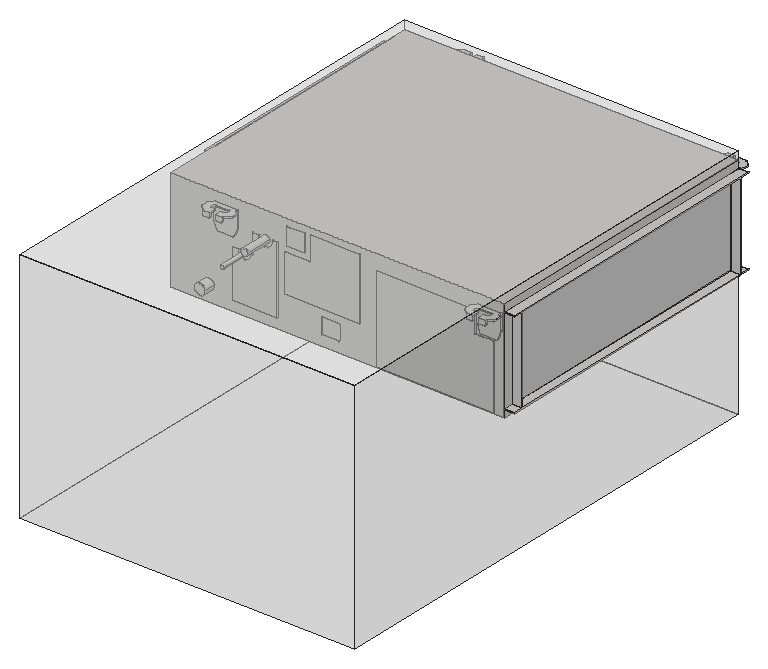
Revit family "outputfile", category 機械設備, Revit 2024
Family settings
  丸型コネクタ寸法 = 半径を使用
  パーツ タイプ = 標準
  OmniClass 番号 = 23.75.10.24.21.27.27
  OmniClass タイトル = Split System Air Conditioning Units
  作業面ベース = いいえ
  常に垂直 = はい
  ロード時にボイドで切り取り = いいえ
  注釈の向きを維持 = いいえ
  共有 = いいえ
  部屋計算ポイント = はい
Parameters (values of type "FBFC50EVMG")
  製造元 = "Daikin"
  書き出し IFC クラス(タイプ) = "IfcUnitaryEquipmentType"
  定義済み IFC タイプ(タイプ) = "AIRCONDITIONINGUNIT"
  モデル = "FBFC50EVMG"
  switch_frequency = yes
  r_Liquid Pipe Size = Liquid Pipe Size / 2  # 4.75 mm
  r_Gas Pipe Size = Gas Pipe Size / 2  # 7.95 mm
  r_Drain Pipe Size = Drain Pipe Size / 2  # 12.5 mm
  lw_power = 770.0 mm  # constant formula
  lh_SA = 138.0 mm  # constant formula
  lw_SA = if(Depth = 550.0 mm, 225.0 mm, if(Depth = 700.0 mm, 300.0 mm, if(Depth = 1000.0 mm, 450.0 mm, if(Depth = 1400.0 mm, 650.0 mm, 725.0 mm))))  # 300.0 mm
  lw_RA = if(Depth = 550.0 mm, 275.0 mm, if(Depth = 700.0 mm, 349.0 mm, if(Depth = 1000.0 mm, 499.0 mm, if(Depth = 1400.0 mm, 699.0 mm, 775.0 mm))))  # 349.0 mm
  lh_power = 60.0 mm + [h***]  # 60.0 mm
  lh_mountinghole1 = lh_mountinghole + [h***]  # 222.0 mm
  lh_RA = 123.0 mm  # constant formula
  ld_power = Depth / 2  # 350.0 mm
  connector_voltage = Voltage_50Hz  # 230 V
  connector_powerinput = [Power Input (Cooling)]  # 1.400 kW
  connector_phase = Phase_50Hz  # 1
  Voltage_comment_60Hz = "220-230"
  Voltage_comment_50Hz = "220-240"
  Voltage_60Hz = 220 V
  Voltage_50Hz = 230 V
  Supply Air Direction [instance] = yes
  Phase_60Hz = 1
  Phase_50Hz = 1
  Minimum External Static Pressure = 30.00 Pa
  Maximum External Static Pressure = 130.00 Pa
  Material_Casing = DAIKIN_GalvanizedSteel_Casing_indoorunit
  lw_mountinghole = 630.0 mm  # constant formula
  lh_gaspipe = 183.0 mm + [h***]  # 183.0 mm
  lh_mountinghole = 222.0 mm  # constant formula
  lh_liquidpipe = 136.0 mm + [h***]  # 136.0 mm
  lh_drainpipe = 38.0 mm + [h***]  # 38.0 mm
  lh_antena = Height - lh_mountinghole + 1.0 mm  # 24.0 mm
  ld_drainpipe = Depth / 2 + 26.0 mm  # 376.0 mm
  ld_liquidpipe = Depth / 2 + 69.0 mm  # 419.0 mm
  ld_gaspipe = Depth / 2 + 65.0 mm  # 415.0 mm
  ld_mountinghole = Depth + 38.0 mm  # 738.0 mm
  h*** = 0.0 mm  # constant formula
  lw_liquidpipe = 179.0 mm  # constant formula
  lw_gaspipe = 229.0 mm  # constant formula
  lw_drainpipe = 91.0 mm  # constant formula
  Width = 800.0 mm
  Version = "ver.1.0"
  Unit Type = "Duct"
  Unit Mass Weight = 26.00 kg
  Unit Designation [instance] = ""
  Uniclass2015Version = "Products v1.30"
  Uniclass2015Title = "Split coil room air conditioning units"
  Uniclass2015Code = "Pr_70_65_03_86"
  Total Cooling Capacity [instance] = 0.000 kW
  Sound Pressure Level_M speed (dBA) = 35
  Sound Pressure Level_L speed (dBA) = 30
  Sound Pressure Level_H speed (dBA) = 37
  Series = "SkyAir_Fan Coil Unit"
  Sensible Cooling Capacity [instance] = 0.000 kW
  SA Duct Size Width = 492.0 mm
  SA Duct Size Height = 176.0 mm
  Refrigerant Type = "R32"
  RA Duct Size Width = 654.0 mm
  RA Duct Size Height = 208.0 mm
  Power Input (Cooling) = 1.400 kW
  Option Accessory 3 [instance] = ""
  Option Accessory 2 [instance] = ""
  Option Accessory 1 [instance] = ""
  Nominal Cooling Capacity = 5.000 kW
  Minimum Airflow = 540.00 m³/h
  Median Airflow = 720.00 m³/h
  Maximum Airflow = 930.00 m³/h
  Load Classification = HVAC
  Liquid Pipe Size = 9.5 mm
  Link_Nested Family [instance] = ""
  IfcVersion = ""
  IfcExportType = "AIRCONDITIONINGUNIT"
  IfcExportAs = "IfcUnitaryEquipmentType"
  Height = 245.0 mm
  Heat Exchanger Type = "Cross Fin Coil"
  Gas Pipe Size = 15.9 mm
  Frequency_60Hz = 60 Hz
  Frequency_50Hz = 50 Hz
  Fan Type = "Sirocco Fan"
  Fan Drive = "Direct Drive"
  FCU Tag No. [instance] = ""
  Drain Pipe Size = 25.0 mm
  Design Supply Airflow [instance] = 0.00 m³/h
  Design Return Airflow [instance] = 0.00 m³/h
  Design External Static Pressure [instance] = 0.00 Pa
  Depth = 700.0 mm
  既定の高さ = 0.0 mm
  Cooling Entering Wet Bulb Temperature [instance] = 0.00 °C
  Cooling Entering Dry Bulb Temperature [instance] = 0.00 °C
  Cooling Ambient Wet Bulb Temperature [instance] = 0.00 °C
  Cooling Ambient Dry Bulb Temperature [instance] = 0.00 °C
  Clearance visibility [instance] = yes
  Clearance Top = 20.0 mm
  Clearance Right = 0.0 mm
  Clearance Rear = 0.0 mm
  Clearance Left = 0.0 mm
  Clearance Front = 450.0 mm
  Clearance Bottom = 300.0 mm
Reference planes
  plane 1 "Center (Front/Back)": y = 0
  plane 2 "h": z = 0
  plane 3 "Center (Left/Right)": x = 0
  plane 4 "Back": y = 350
  plane 5 "Front": y = -350
  plane 6 "Left": x = -400
  plane 7 "Right": x = 400
  plane 8 "Top": z = 0
  plane 9 "Bottom": z = -245
  plane 10: y = -215
  plane 11: y = 350
  plane 12: y = -800
  plane 13: x = -400
  plane 14: x = 400
  plane 15: z = 20
  plane 16: z = -545
  plane 17: x = -400
  plane 18: x = -399
  plane 19: x = 399
  plane 20: y = 50
  plane 21: y = -1
  plane 22: z = -122
  plane 23: y = -351
  plane 24: z = -109
  plane 25: x = -221
  plane 26: y = -415
  plane 27: z = -62
  plane 28: x = -171
  plane 29: y = -376
  plane 30: z = -207
  plane 31: x = -309
  plane 32: x = -309
  plane 33: x = -221
  plane 34: x = -171
  plane 35: x = 370
  plane 36: x = -266
  plane 37: x = 364
  plane 38: y = -369
  plane 39: y = 369
  plane 40: z = -23
  plane 41: z = -107
  plane 42: y = -419
  plane 43: y = -376
  plane 44: x = -251
  plane 45: x = -203
  plane 46: x = -144
  plane 47: z = -59
  plane 48: z = -106
  plane 49: z = -221
  plane 50: z = -109
  plane 51: x = -221
  plane 52: z = -62
  plane 53: x = -171
  plane 54: z = -17
  plane 55: z = -59
  plane 56: x = -121
  plane 57: x = -79
  plane 58: x = -125
  plane 59: x = -64
  plane 60: x = 53
  plane 61: z = -164
  plane 62: z = -73
  plane 63: z = -16
  plane 64: x = 93.5
  plane 65: x = 374.5
  plane 66: x = 330
  plane 67: z = -88.5
  plane 68: z = -38
  plane 69: z = -242.5
  plane 70: x = -38.5
  plane 71: x = 6.5
  plane 72: z = -181
  plane 73: z = -221
  plane 74: y = -349
  plane 75: x = -424
  plane 76: x = 424
Forms (mm)
  Extrusion 1, solid, material "DAIKIN_GalvanizedSteel_Casing_indoorunit" <- "Material_Casing"
    sketch origin (0, 0, 0) x (1, 0, 0) y (0, 1, 0)
      loop
        line (-399, 350) -> (-399, -350) -> (399, -350) -> (399, 350) -> (-399, 350)
    from -245 to 0
  Extrusion 2, solid, material "DAIKIN_GalvanizedSteel_Casing_indoorunit" <- "Material_Casing"
    sketch origin (0, 0, 0) x (1, 0, 0) y (0, 0, 1)
      loop
        line (-251, -221) -> (-144, -221) -> (-144, -59) -> (-154.47, -59)
        arc (-154.47, -59) -> (-171, -78.8) -> (-187.53, -59) r 16.8
        line (-187.53, -59) -> (-203, -59) -> (-203, -106) -> (-206.916, -106)
        arc (-206.916, -106) -> (-221, -123.4) -> (-235.084, -106) r 14.4
        line (-235.084, -106) -> (-251, -106) -> (-251, -221)
    from 350 to 351
  Extrusion 3, solid, material "DAIKIN_GalvanizedSteel_Casing_indoorunit" <- "Material_Casing"
    sketch origin (0, 0, 0) x (1, 0, 0) y (0, 0, 1)
      loop
        line (-121, -17) -> (-121, -59) -> (-79, -59) -> (-79, -17) -> (-121, -17)
      loop
        line (-125, -73) -> (-125, -164) -> (53, -164) -> (53, -16) -> (-64, -16) -> (-64, -73) -> (-125, -73)
    from 350 to 351
  Extrusion 4, solid, material "DAIKIN_GalvanizedSteel_Casing_indoorunit" <- "Material_Casing"
    sketch origin (0, 0, 0) x (1, 0, 0) y (0, 0, 1)
      loop
        line (93.5, -38) -> (93.5, -242.5) -> (374.5, -242.5) -> (374.5, -88.5) -> (330, -88.5) -> (330, -38) -> (93.5, -38)
    from 350 to 351
  Extrusion 5, solid, material "DAIKIN_GalvanizedSteel_Casing_indoorunit" <- "Material_Casing"
    sketch origin (0, 0, 0) x (1, 0, 0) y (0, 0, 1)
      loop
        circle (-221, -109) r 4.75
    from 350 to 419
  Extrusion 6, solid, material "DAIKIN_GalvanizedSteel_Casing_indoorunit" <- "Material_Casing"
    sketch origin (0, 0, 0) x (1, 0, 0) y (0, 0, 1)
      loop
        circle (-171, -62) r 7.95
    from 350 to 415
  Extrusion 7, solid, material "DAIKIN_GalvanizedSteel_Casing_indoorunit" <- "Material_Casing"
    sketch origin (0, 0, 0) x (1, 0, 0) y (0, 0, 1)
      loop
        circle (-309, -207) r 12.5
    from 350 to 376
  Extrusion 8, void
    sketch origin (0, 0, 0) x (1, 0, 0) y (0, 0, 1)
      loop
        line (-38.5, -181) -> (-38.5, -221) -> (6.5, -221) -> (6.5, -181) -> (-38.5, -181)
    from 349 to 350
Cuts and joins
  Extrusion 8 cuts Extrusion 1
Dimensions and locks
  "Height": plane 8 "Top" to plane 9 "Bottom"
  equal spacing: plane 4 "Back", plane 1 "Center (Front/Back)", plane 5 "Front"
  "Depth": plane 4 "Back" to plane 5 "Front"
  equal spacing: plane 6 "Left", plane 3 "Center (Left/Right)", plane 7 "Right"
  "Width": plane 6 "Left" to plane 7 "Right"
  "Clearance Left": plane 13 to plane 6 "Left"
  "Clearance Right": plane 7 "Right" to plane 14
  "Clearance Rear": plane 11 to plane 4 "Back"
  "Clearance Front": plane 5 "Front" to plane 12
  "Clearance Top": plane 15 to plane 8 "Top"
  "Clearance Bottom": plane 9 "Bottom" to plane 16
  locked: plane 17 to plane 18 at 1
  locked: plane 19 to plane 14 at 1
  "lw_SA": plane 11 to plane 20
  "lw_RA": plane 21 to plane 5 "Front"
  "lh_RA": plane 22 to plane 9 "Bottom"
  locked: plane 5 "Front" to plane 23 at 1
  "lw_liquidpipe": plane 25 to plane 6 "Left"
  "lh_liquidpipe": plane 24 to plane 9 "Bottom"
  "lh_gaspipe": plane 27 to plane 9 "Bottom"
  "lw_gaspipe": plane 28 to plane 6 "Left"
  "ld_gaspipe": plane 26 to plane 1 "Center (Front/Back)"
  "ld_drainpipe": plane 29 to plane 1 "Center (Front/Back)"
  "lh_drainpipe": plane 30 to plane 9 "Bottom"
  "lw_drainpipe": plane 31 to plane 6 "Left"
  "lw_drainpipe": plane 6 "Left" to plane 32
  "lw_liquidpipe": plane 6 "Left" to plane 33
  "lw_gaspipe": plane 6 "Left" to plane 34
  "lw_power": plane 6 "Left" to plane 35
  locked: plane 17 to plane 36 at 134
  "lw_mountinghole": plane 36 to plane 37
  equal spacing: plane 38, plane 1 "Center (Front/Back)", plane 39
  "ld_mountinghole": plane 39 to plane 38
  "lh_mountinghole": plane 40 to plane 9 "Bottom"
  "lh_SA": plane 41 to plane 9 "Bottom"
  plane 46 to plane 45 to plane 44 to plane 6 "Left" = 59.0 mm, 48.0 mm, 149.0 mm
  plane 8 "Top" to plane 47 to plane 48 to plane 49 = 59.0 mm locked, 47.0 mm locked, 115.0 mm locked
  plane 53 to plane 51 to plane 6 "Left" = 50.0 mm locked, 179.0 mm locked
  plane 52 to plane 50 to plane 9 "Bottom" = 47.0 mm locked, 136.0 mm locked
  plane 57 to plane 56 to plane 6 "Left" = 42.0 mm locked, 279.0 mm locked
  plane 8 "Top" to plane 54 to plane 55 = 17.0 mm locked, 42.0 mm locked
  plane 60 to plane 59 to plane 58 to plane 6 "Left" = 117.0 mm, 61.0 mm, 275.0 mm
  plane 8 "Top" to plane 63 to plane 62 = 16.0 mm locked, 57.0 mm locked
  locked: plane 63 to plane 61 at 148
  plane 8 "Top" to plane 68 to plane 67 to plane 69 = 38.0 mm locked, 50.5 mm locked, 154.0 mm locked
  plane 65 to plane 66 to plane 64 to plane 6 "Left" = 44.5 mm locked, 236.5 mm locked, 493.5 mm locked
  plane 8 "Top" to plane 72 to plane 73 = 181.0 mm locked, 40.0 mm locked
  plane 71 to plane 70 to plane 6 "Left" = 45.0 mm, 361.5 mm
  locked: plane 74 to plane 5 "Front" at 1
  locked: plane 75 to plane 17 at 24
  locked: plane 14 to plane 76 at 24
  "ld_liquidpipe": plane 42 to plane 1 "Center (Front/Back)"
  "r_Liquid Pipe Size": radius of Extrusion 5 sketch curve
  "r_Gas Pipe Size": radius of Extrusion 6 sketch curve
  "r_Drain Pipe Size": radius of Extrusion 7 sketch curve
  aligned and locked: level to plane 2 "h"
  aligned and locked: plane 8 "Top" to Extrusion 1
  aligned and locked: Extrusion 1 to plane 9 "Bottom"
  aligned and locked: nested 5 to plane 12
  aligned and locked: plane 13 to nested 5
  aligned and locked: plane 14 to nested 5
  aligned and locked: nested 5 to plane 13
  aligned and locked: plane 11 to nested 5
  aligned and locked: plane 15 to nested 5
  aligned and locked: plane 16 to nested 5
  aligned and locked: plane 5 "Front" to Extrusion 1 sketch curve
  aligned and locked: Extrusion 1 to plane 18
  aligned and locked: plane 19 to Extrusion 1
  aligned and locked: nested 7 to plane 18
  aligned and locked: nested 7 to plane 20
  aligned and locked: plane 19 to nested 8
  aligned and locked: plane 21 to nested 8
  aligned and locked: plane 22 to nested 8
  aligned and locked: Extrusion 2 to plane 23
  aligned and locked: plane 5 "Front" to Extrusion 2
  aligned and locked: Extrusion 3 to plane 23
  aligned and locked: plane 5 "Front" to Extrusion 3
  aligned and locked: plane 5 "Front" to Extrusion 4
  aligned and locked: Extrusion 5 sketch curve to plane 25
  aligned and locked: plane 24 to Extrusion 5 sketch curve
  aligned and locked: plane 5 "Front" to Extrusion 5
  aligned and locked: Extrusion 6 sketch curve to plane 28
  aligned and locked: plane 27 to Extrusion 6 sketch curve
  aligned and locked: plane 5 "Front" to Extrusion 6
  aligned and locked: Extrusion 7 sketch curve to plane 31
  aligned and locked: plane 30 to Extrusion 7 sketch curve
  aligned and locked: Extrusion 7 to plane 29
  aligned and locked: nested 3 to plane 29
  aligned and locked: plane 32 to nested 3
  aligned and locked: nested 2 to plane 33
  aligned and locked: nested 1 to plane 34
  aligned and locked: Extrusion 6 to plane 26
  aligned and locked: nested 1 to plane 26
  aligned and locked: nested 6 to plane 5 "Front"
  aligned and locked: nested 6 to plane 35
  aligned and locked: plane 36 to nested 10
  aligned and locked: nested 10 to plane 5 "Front"
  aligned and locked: plane 37 to nested 9
  aligned and locked: nested 9 to plane 5 "Front"
  aligned and locked: nested 11 to plane 36
  aligned and locked: plane 4 "Back" to nested 11
  aligned and locked: nested 12 to plane 37
  aligned and locked: plane 4 "Back" to nested 12
  aligned and locked: plane 40 to nested 10
  aligned and locked: plane 40 to nested 11
  aligned and locked: plane 40 to nested 9
  aligned and locked: plane 40 to nested 12
  aligned and locked: plane 36 to nested 14
  aligned and locked: nested 14 to plane 39
  aligned and locked: plane 37 to nested 13
  aligned and locked: nested 13 to plane 39
  aligned and locked: plane 37 to nested 16
  aligned and locked: plane 38 to nested 16
  aligned and locked: plane 38 to nested 15
  aligned and locked: plane 36 to nested 15
  aligned and locked: plane 17 to plane 6 "Left"
  aligned and locked: plane 41 to nested 7
  aligned and locked: Extrusion 5 to plane 42
  aligned and locked: nested 2 to plane 42
  aligned and locked: Extrusion 3 sketch curve to plane 54
  aligned and locked: Extrusion 3 sketch curve to plane 56
  aligned and locked: plane 55 to Extrusion 3 sketch curve
  aligned and locked: plane 57 to Extrusion 3 sketch curve
  aligned and locked: Extrusion 4 to plane 23
  aligned and locked: Extrusion 8 sketch curve to plane 72
  aligned and locked: plane 73 to Extrusion 8 sketch curve
  aligned and locked: plane 71 to Extrusion 8 sketch curve
  aligned and locked: plane 5 "Front" to Extrusion 8
  aligned and locked: plane 74 to Extrusion 8
  aligned and locked: nested 17 to plane 20
  aligned and locked: nested 17 to plane 75
  aligned and locked: plane 21 to nested 18
  aligned and locked: plane 76 to nested 18
  aligned and locked: plane 41 to nested 17
  aligned and locked: nested 18 to plane 22
  aligned and locked: nested 4 to plane 3 "Center (Left/Right)"
  aligned and locked: plane 1 "Center (Front/Back)" to nested 4
  aligned and locked: level to plane 8 "Top"
  aligned and locked: plane 5 "Front" to Extrusion 7
Automatic sketch dimensions
  plane 6 "Left" to Extrusion 1 sketch curve = 1.0 mm
  Extrusion 1 sketch curve to plane 7 "Right" = 1.0 mm
  Extrusion 1 sketch curve to plane 4 "Back" = 0.0 mm
  Extrusion 2 sketch curve to plane 44 = 0.0 mm
  Extrusion 2 sketch curve to plane 33 = 0.0 mm
  Extrusion 2 sketch curve to plane 45 = 0.0 mm
  Extrusion 2 sketch curve to plane 34 = 0.0 mm
  Extrusion 2 sketch curve to plane 46 = 0.0 mm
  Extrusion 2 sketch curve to plane 49 = 0.0 mm
  Extrusion 2 sketch curve to plane 50 = 0.0 mm
  Extrusion 2 sketch curve to plane 48 = 0.0 mm  (x3)
  Extrusion 2 sketch curve to plane 52 = 0.0 mm
  Extrusion 2 sketch curve to plane 47 = 0.0 mm  (x3)
  plane 33 to Extrusion 2 sketch curve = 14.084 mm
  plane 34 to Extrusion 2 sketch curve = 16.53 mm
  Extrusion 3 sketch curve to plane 58 = 0.0 mm
  Extrusion 3 sketch curve to plane 59 = 0.0 mm
  Extrusion 3 sketch curve to plane 60 = 0.0 mm
  Extrusion 3 sketch curve to plane 61 = 0.0 mm
  Extrusion 3 sketch curve to plane 62 = 0.0 mm
  Extrusion 3 sketch curve to plane 63 = 0.0 mm
  Extrusion 4 sketch curve to plane 64 = 0.0 mm
  Extrusion 4 sketch curve to plane 66 = 0.0 mm
  Extrusion 4 sketch curve to plane 65 = 0.0 mm
  Extrusion 4 sketch curve to plane 69 = 0.0 mm
  Extrusion 4 sketch curve to plane 67 = 0.0 mm
  Extrusion 4 sketch curve to plane 68 = 0.0 mm
  Extrusion 8 sketch curve to plane 70 = 0.0 mm
Nested families
  nested 1: "daikin_connector_rotate2" at (-171, 0, -62), length <- "ld_gaspipe", built-in parameter 1001364 <- "lh_gaspipe", radius <- "r_Gas Pipe Size", type "daikin_connector_rotate2"
    with radius 7.95 mm, length 415.0 mm, angle_vertical 90.00°
  nested 2: "daikin_connector_rotate2" at (-221, 0, -109), length <- "ld_liquidpipe", built-in parameter 1001364 <- "lh_liquidpipe", radius <- "r_Liquid Pipe Size", type "daikin_connector_rotate2"
    with radius 4.75 mm, length 419.0 mm, angle_vertical 90.00°
  nested 3: "daikin_connector_rotate2" at (-309, 0, -207), length <- "ld_drainpipe", built-in parameter 1001364 <- "lh_drainpipe", radius <- "r_Drain Pipe Size", type "daikin_connector_rotate2"
    with radius 12.5 mm, length 376.0 mm, angle_vertical 90.00°
  nested 4: "daikin_△_symbolicline" at (0, 0, 245) x (0, -1, 0) z (0, 0, 1), built-in parameter 1001364 <- "Height", visible <- "Supply Air Direction", type "daikin_△_symbolicline"
    with length 200.0 mm
  nested 5: "daikin_clearancespace" at (0, -225, -262.381), visible <- "Clearance visibility", show <- "Clearance visibility", Link_Nested Family <- "Link_Nested Family", type "daikin_clearancespace"
    with width 800.0 mm, show yes, height 565.0 mm, depth 1150.0 mm, Link_Nested Family ""
  nested 6: "daikin_connector_rotate2" at (370, 0, -185), built-in parameter 1001364 <- "lh_power", length <- "ld_power", type "daikin_connector_rotate2"
    with radius 10.0 mm, length 350.0 mm, angle_vertical 90.00°
  nested 7: "daikin_ductflange_FBFC-EVMG_2" at (-399, 50, -107) x (0, -1, 0) z (0, 0, 1), type "daikin_ductflange_FBFC-EVMG_2"
    with width 492.0 mm, w 700.0 mm
  nested 8: "daikin_ductflange_FBFC-EVMG" at (399, -1, -122) x (0, 1, 0) z (0, 0, 1), type "daikin_ductflange_FBFC-EVMG"
  nested 9: "daikin_hangerfixture_FBFC-EVMG" at (364, -350, -23), type "daikin_hangerfixture_FBFC-EVMG"
  nested 10: "daikin_hangerfixture_FBFC-EVMG" at (-266, -350, -23), type "daikin_hangerfixture_FBFC-EVMG"
  nested 11: "daikin_hangerfixture_FBFC-EVMG" at (-266, 350, -23) x (-1, 0, 0) z (0, 0, 1), type "daikin_hangerfixture_FBFC-EVMG"
  nested 12: "daikin_hangerfixture_FBFC-EVMG" at (364, 350, -23) x (-1, 0, 0) z (0, 0, 1), type "daikin_hangerfixture_FBFC-EVMG"
  nested 13: "daikin_mountinghole" at (364, 369, -245), h_mountinghole <- "lh_mountinghole1", l_antenna <- "lh_antena", Link_Nested Family <- "Link_Nested Family", type "daikin_mountinghole"
    with show yes, l_antenna 24.0 mm, h_mountinghole 222.0 mm, Link_Nested Family ""
  nested 14: "daikin_mountinghole" at (-266, 369, -245), h_mountinghole <- "lh_mountinghole1", l_antenna <- "lh_antena", Link_Nested Family <- "Link_Nested Family", type "daikin_mountinghole"
    with show yes, l_antenna 24.0 mm, h_mountinghole 222.0 mm, Link_Nested Family ""
  nested 15: "daikin_mountinghole" at (-266, -369, -245), h_mountinghole <- "lh_mountinghole1", l_antenna <- "lh_antena", Link_Nested Family <- "Link_Nested Family", type "daikin_mountinghole"
    with show yes, l_antenna 24.0 mm, h_mountinghole 222.0 mm, Link_Nested Family ""
  nested 16: "daikin_mountinghole" at (364, -369, -245), h_mountinghole <- "lh_mountinghole1", l_antenna <- "lh_antena", Link_Nested Family <- "Link_Nested Family", type "daikin_mountinghole"
    with show yes, l_antenna 24.0 mm, h_mountinghole 222.0 mm, Link_Nested Family ""
  nested 17: "daikin_connector_rotate2" at (-400, 50, -107) x (0, -1, 0) z (0, 0, 1), type "daikin_connector_rotate2"
    with radius 10.0 mm, length 24.0 mm, angle_vertical 90.00°
  nested 18: "daikin_connector_rotate2" at (400, -1, -122) x (0, 1, 0) z (0, 0, 1), type "daikin_connector_rotate2"
    with radius 10.0 mm, length 24.0 mm, angle_vertical 90.00°
Connectors
  piping at (-309, -376, -207), diameter 25, driven by "r_Drain Pipe Size"
    settings: on nested 3, index 3, connector inside diameter 609.6 mm, connector length 0.0 mm, flow factor 0, pipe flow 0.00 m³/h, pressure drop 0.0 Pa, fitting loss kfactor 0, connector angle 0.00°, fixture units 0, engagement length 0.0 mm, angle of deflection 0.00°, flow configuration 1, flow direction 2, fitting loss method 4, system type 16, joint type 0, gender type 0, connector reference index -1, connector utility 0, adjustable connector no, is connector primary yes, connector description "Condensate Drain Piping"
  piping at (-171, -415, -62), diameter 15.9, driven by "r_Gas Pipe Size"
    settings: on nested 1, index 4, connector inside diameter 609.6 mm, connector length 0.0 mm, flow factor 0, pipe flow 0.00 m³/h, pressure drop 0.0 Pa, fitting loss kfactor 0, connector angle 0.00°, fixture units 0, engagement length 0.0 mm, angle of deflection 0.00°, flow configuration 1, flow direction 2, fitting loss method 0, system type 29, joint type 0, gender type 0, connector reference index -1, connector utility 0, adjustable connector no, is connector primary no, connector description "Refrigerant Gas Piping"
  piping at (-221, -419, -109), diameter 9.5, driven by "r_Liquid Pipe Size"
    settings: on nested 2, index 5, connector inside diameter 609.6 mm, connector length 0.0 mm, flow factor 0, pipe flow 0.00 m³/h, pressure drop 0.0 Pa, fitting loss kfactor 0, connector angle 0.00°, fixture units 0, engagement length 0.0 mm, angle of deflection 0.00°, flow configuration 1, flow direction 1, fitting loss method 0, system type 29, joint type 0, gender type 0, connector reference index -1, connector utility 0, adjustable connector no, is connector primary no, connector description "Refrigerant Liquid Piping"
  electrical at (370, -350, -185), driven by "Load Classification", driven by "connector_phase", driven by "connector_powerinput", driven by "connector_voltage"
    settings: on nested 6, index 6, voltage 230 V, apparent load 1400 VA, apparent load phase1 0 VA, apparent load phase2 0 VA, apparent load phase3 0 VA, power factor 1, load classification "HVAC", number of poles 1, system type 30, power factor state 1, is connector primary yes, connector utility no, sub classification motor no, connector description "Power Supply"
  hvac at (-424, 50, -107), driven by "SA Duct Size Height", driven by "SA Duct Size Width"
    settings: on nested 17, index 7, duct flow 0.00 m³/h, flow factor 0, pres drop 0.00 Pa, loss coef 0, conn angle 0.00°, conn width 492.0 mm, conn height 176.0 mm, conn diameter 609.6 mm, duct sys type 1, conn prof type 1, flow config 0, flow direction 2, loss method 4, conn ref index -1, conn util no, is conn primary yes, conn desc "SA Duct"
  hvac at (424, -1, -122), driven by "RA Duct Size Height", driven by "RA Duct Size Width"
    settings: on nested 18, index 8, duct flow 0.00 m³/h, flow factor 0, pres drop 0.00 Pa, loss coef 0, conn angle 0.00°, conn width 654.0 mm, conn height 208.0 mm, conn diameter 609.6 mm, duct sys type 2, conn prof type 1, flow config 0, flow direction 1, loss method 4, conn ref index -1, conn util no, is conn primary no, conn desc "RA Duct"
Definition of nested family "daikin_clearancespace"
  Parameters (values of type "daikin_clearancespace")
    Description = "daikin_clearancespace"
    width [instance] = 1823.963 mm
    show [instance] = yes
    material = none
    height [instance] = 1359.762 mm
    depth [instance] = 880.0 mm
    Default Elevation = 0.0 mm
    Link_Nested Family [instance] = ""
  Reference planes
    plane 1 "Center (Front/Back)": y = 0
    plane 2 "Center (Elevation)": z = -0.119
    plane 3 "Center (Left/Right)": x = 0
    plane 4: y = 440
    plane 5: y = -440
    plane 6 "Right": x = 911.982
    plane 7 "Left": x = -911.982
    plane 8 "Top": z = 679.762
    plane 9 "Bottom": z = -680
  Forms (mm)
    Extrusion 1, solid, material <- "material", visible <- "show"
      sketch origin (0, 0, 0) x (1, 0, 0) y (0, 1, 0)
        loop
          line (-911.982, 440) -> (-911.982, -440) -> (911.982, -440) -> (911.982, 440) -> (-911.982, 440)
      from -680 to 679.762
  Lines and regions (mm)
    symbolic lines, visible <- "show"
      curve 1: line (911.982, 440, 0) -> (-911.982, 440, 0)
      curve 2: line (-911.982, 440, 0) -> (-911.982, -440, 0)
      curve 3: line (-911.982, -440, 0) -> (911.982, -440, 0)
      curve 4: line (911.982, -440, 0) -> (911.982, 440, 0)
      curve 5: line (911.982, 0, 679.762) -> (-911.982, 0, 679.762)
      curve 6: line (911.982, 0, -680) -> (911.982, 0, 679.762)
      curve 7: line (-911.982, 0, -680) -> (911.982, 0, -680)
      curve 8: line (-911.982, 0, 679.762) -> (-911.982, 0, -680)
      curve 9: line (0, 440, 679.762) -> (0, -440, 679.762)
      curve 10: line (0, -440, 679.762) -> (0, -440, -680)
      curve 11: line (0, 440, -680) -> (0, 440, 679.762)
      curve 12: line (0, -440, -680) -> (0, 440, -680)
  Dimensions and locks
    "width": plane 7 "Left" to plane 6 "Right"
    "depth": plane 4 to plane 5
    "height": plane 8 "Top" to plane 9 "Bottom"
    equal spacing: plane 7 "Left", plane 3 "Center (Left/Right)", plane 6 "Right"
    equal spacing: plane 4, plane 1 "Center (Front/Back)", plane 5
    equal spacing: plane 8 "Top", plane 2 "Center (Elevation)", plane 9 "Bottom"
    aligned and locked: level to plane 2 "Center (Elevation)"
    aligned and locked: Extrusion 1 sketch curve to plane 4
    aligned and locked: plane 7 "Left" to Extrusion 1 sketch curve
    aligned and locked: Extrusion 1 sketch curve to plane 5
    aligned and locked: Extrusion 1 sketch curve to plane 6 "Right"
    aligned and locked: plane 8 "Top" to Extrusion 1
    aligned and locked: curve 1 to Extrusion 1
    aligned and locked: curve 2 to Extrusion 1
    aligned and locked: curve 3 to Extrusion 1
    aligned and locked: curve 4 to Extrusion 1
    aligned and locked: curve 5 to Extrusion 1
    aligned and locked: curve 6 to Extrusion 1
    aligned and locked: curve 7 to Extrusion 1
    aligned and locked: curve 8 to Extrusion 1
    aligned and locked: curve 9 to Extrusion 1
    aligned and locked: curve 10 to Extrusion 1
    aligned and locked: curve 11 to Extrusion 1
    aligned and locked: curve 12 to Extrusion 1
    aligned and locked: Extrusion 1 to plane 9 "Bottom"
Definition of nested family "daikin_ductflange_FBFC-EVMG_2"
  Parameters (values of type "daikin_ductflange_FBFC-DVMG2")
    width = if(w = 550.0 mm, 337.0 mm, if(w = 700.0 mm, 492.0 mm, if(w = 1000.0 mm, 792.0 mm, if(w = 1400.0 mm, 1192.0 mm, 1337.0 mm))))  # 1192.0 mm
    material = none
    height = 215.0 mm
    depth = 1.0 mm
    w = 1400.0 mm
    Default Elevation = 0.0 mm
  Reference planes
    plane 1 "Center (Front/Back)": y = 0
    plane 2: z = 0
    plane 3 "Center (Left/Right)": x = 0
    plane 4: z = 88
    plane 5: z = -88
    plane 6: y = -25
    plane 7: z = 106
    plane 8: z = 89
    plane 9: y = -1
    plane 10: x = -617.5
    plane 11: x = 617.5
    plane 12: z = -106
    plane 13: z = -89
    plane 14: y = -1
    plane 15: x = 596
    plane 16: x = -596
    plane 17: x = 597
    plane 18: z = 87
    plane 19: z = -87
    plane 20: x = -597
    plane 21: z = 87
    plane 22: z = -87
    plane 23: y = -1
  Forms (mm)
    Extrusion 1, solid, material <- "material"
      sketch origin (0, 0, 0) x (0, 1, 0) y (0, 0, 1)
        loop
          line (-25, 88) -> (0, 88) -> (0, 106) -> (-1, 106) -> (-1, 89) -> (-25, 89) -> (-25, 88)
      from -617.5 to 617.5
    Extrusion 2, solid, material <- "material"
      sketch origin (0, 0, 0) x (0, 1, 0) y (0, 0, 1)
        loop
          line (-25, -88) -> (-25, -89) -> (-1, -89) -> (-1, -106) -> (0, -106) -> (0, -88) -> (-25, -88)
      from -617.5 to 617.5
    Extrusion 3, solid, material <- "material"
      sketch origin (0, 0, 0) x (1, 0, 0) y (0, 0, 1)
        loop
          line (596, 88) -> (596, -88) -> (617.5, -88) -> (617.5, -87) -> (597, -87) -> (597, 87) -> (617.5, 87) -> (617.5, 88) -> (596, 88)
      from 0 to 25
    Extrusion 4, solid, material <- "material"
      sketch origin (0, 0, 0) x (1, 0, 0) y (0, 0, 1)
        loop
          line (-617.5, 88) -> (-617.5, 87) -> (-597, 87) -> (-597, -87) -> (-617.5, -87) -> (-617.5, -88) -> (-596, -88) -> (-596, 88) -> (-617.5, 88)
      from 0 to 25
    Extrusion 5, solid, material <- "material"
      sketch origin (0, 0, 0) x (1, 0, 0) y (0, 0, 1)
        loop
          line (-617.5, 88) -> (-617.5, -88) -> (-596, -88) -> (-596, 88) -> (-617.5, 88)
        loop
          line (617.5, 88) -> (596, 88) -> (596, -88) -> (617.5, -88) -> (617.5, 88)
      from 0 to 1
  Cuts and joins
    joined: Extrusion 1, Extrusion 2, Extrusion 3, Extrusion 4, Extrusion 5
  Dimensions and locks
    plane 4 to level to plane 5 = 88.0 mm, 88.0 mm
    locked: plane 6 to plane 1 "Center (Front/Back)" at 25
    locked: plane 9 to plane 1 "Center (Front/Back)" at 1
    locked: plane 8 to plane 4 at 1
    locked: plane 16 to plane 10 at 21.5
    locked: plane 17 to plane 15 at 1
    locked: plane 4 to plane 18 at 1
    locked: plane 19 to plane 5 at 1
    "width": plane 15 to plane 16
    plane 4 to plane 5 = 176.0 mm
    locked: plane 16 to plane 20 at 1
    locked: plane 4 to plane 21 at 1
    locked: plane 22 to plane 5 at 1
    locked: plane 23 to plane 1 "Center (Front/Back)" at 1
    plane 4 to level to plane 5 = 88.0 mm locked, 88.0 mm locked
    locked: plane 5 to plane 13 at 1
    locked: plane 5 to plane 12 at 18
    locked: plane 7 to plane 4 at 18
    equal spacing: plane 15, plane 3 "Center (Left/Right)", plane 16
    locked: plane 11 to plane 15 at 21.5
    plane 11 to plane 10 = 1235.0 mm
    aligned and locked: level to plane 2
    aligned and locked: Extrusion 1 to plane 10
    aligned and locked: plane 11 to Extrusion 1
    aligned and locked: plane 5 to Extrusion 2
    aligned and locked: Extrusion 2 to plane 1 "Center (Front/Back)"
    aligned and locked: plane 15 to Extrusion 3 sketch curve
    aligned and locked: Extrusion 3 sketch curve to Extrusion 2  (x2)
    aligned and locked: Extrusion 3 sketch curve to plane 11
    aligned and locked: plane 6 to Extrusion 3
    aligned and locked: Extrusion 2 to plane 10
    aligned and locked: plane 11 to Extrusion 2
    aligned and locked: Extrusion 4 sketch curve to Extrusion 1  (x2)
    aligned and locked: plane 5 to Extrusion 4 sketch curve
    aligned and locked: Extrusion 4 sketch curve to plane 16
    aligned and locked: Extrusion 4 sketch curve to plane 22
    aligned and locked: plane 20 to Extrusion 4 sketch curve
    aligned and locked: plane 21 to Extrusion 4 sketch curve
    aligned and locked: Extrusion 4 to plane 1 "Center (Front/Back)"
    aligned and locked: plane 6 to Extrusion 4
    aligned and locked: Extrusion 5 sketch curve to Extrusion 1  (x4)
    aligned and locked: Extrusion 5 sketch curve to Extrusion 4  (x2)
    aligned and locked: Extrusion 5 sketch curve to Extrusion 3  (x2)
    aligned and locked: Extrusion 5 to plane 1 "Center (Front/Back)"
    aligned and locked: plane 23 to Extrusion 5
  Automatic sketch dimensions
    Extrusion 1 sketch curve to plane 6 = 0.0 mm
    Extrusion 1 sketch curve to plane 7 = 0.0 mm
    Extrusion 1 sketch curve to plane 9 = 0.0 mm
    Extrusion 1 sketch curve to plane 1 "Center (Front/Back)" = 0.0 mm
    Extrusion 1 sketch curve to plane 4 = 0.0 mm
    Extrusion 1 sketch curve to plane 8 = 0.0 mm
    Extrusion 2 sketch curve to plane 6 = 0.0 mm
    plane 12 to Extrusion 2 sketch curve = 0.0 mm
    Extrusion 2 sketch curve to plane 14 = 0.0 mm
    Extrusion 2 sketch curve to plane 1 "Center (Front/Back)" = 0.0 mm
    plane 13 to Extrusion 2 sketch curve = 0.0 mm
    Extrusion 2 sketch curve to plane 5 = 0.0 mm
    Extrusion 3 sketch curve to plane 17 = 0.0 mm
    Extrusion 3 sketch curve to plane 19 = 0.0 mm
    Extrusion 3 sketch curve to plane 18 = 0.0 mm
    Extrusion 3 sketch curve to plane 4 = 0.0 mm
    Extrusion 4 sketch curve to plane 10 = 0.0 mm
Definition of nested family "daikin_ductflange_FBFC-EVMG"
  Parameters (values of type "daikin_ductflange_FBFC-DVMG")
    width = if(w = 550.0 mm, 502.0 mm, if(w = 700.0 mm, 654.0 mm, if(w = 1000.0 mm, 952.0 mm, if(w = 1400.0 mm, 1352.0 mm, 1502.0 mm))))  # 654.0 mm
    material = none
    lw = if(width = 654.0 mm, 23.0 mm, 25.0 mm)  # 23.0 mm
    height = 208.0 mm
    depth = 1.0 mm
    w = 700.0 mm
    Default Elevation = 0.0 mm
  Reference planes
    plane 1 "Center (Front/Back)": y = 0
    plane 2: z = 0
    plane 3 "Center (Left/Right)": x = 0
    plane 4: z = 104
    plane 5: z = -104
    plane 6: y = -25
    plane 7: z = 121
    plane 8: z = 105
    plane 9: y = -1
    plane 10: x = -350
    plane 11: x = 350
    plane 12: z = -122
    plane 13: z = -105
    plane 14: y = -1
    plane 15: x = 327
    plane 16: x = -327
    plane 17: x = 328
    plane 18: z = 103
    plane 19: z = -103
    plane 20: x = -328
    plane 21: z = 103
    plane 22: z = -103
    plane 23: y = -1
  Forms (mm)
    Extrusion 1, solid, material <- "material"
      sketch origin (0, 0, 0) x (0, 1, 0) y (0, 0, 1)
        loop
          line (-25, 104) -> (0, 104) -> (0, 121) -> (-1, 121) -> (-1, 105) -> (-25, 105) -> (-25, 104)
      from -350 to 350
    Extrusion 2, solid, material <- "material"
      sketch origin (0, 0, 0) x (0, 1, 0) y (0, 0, 1)
        loop
          line (-25, -104) -> (-25, -105) -> (-1, -105) -> (-1, -122) -> (0, -122) -> (0, -104) -> (-25, -104)
      from -350 to 350
    Extrusion 3, solid, material <- "material"
      sketch origin (0, 0, 0) x (1, 0, 0) y (0, 0, 1)
        loop
          line (327, 104) -> (327, -104) -> (350, -104) -> (350, -103) -> (328, -103) -> (328, 103) -> (350, 103) -> (350, 104) -> (327, 104)
      from 0 to 25
    Extrusion 4, solid, material <- "material"
      sketch origin (0, 0, 0) x (1, 0, 0) y (0, 0, 1)
        loop
          line (-350, 104) -> (-350, 103) -> (-328, 103) -> (-328, -103) -> (-350, -103) -> (-350, -104) -> (-327, -104) -> (-327, 104) -> (-350, 104)
      from 0 to 25
    Extrusion 5, solid, material <- "material"
      sketch origin (0, 0, 0) x (1, 0, 0) y (0, 0, 1)
        loop
          line (-350, 104) -> (-350, -104) -> (-327, -104) -> (-327, 104) -> (-350, 104)
        loop
          line (350, 104) -> (327, 104) -> (327, -104) -> (350, -104) -> (350, 104)
      from 0 to 1
  Cuts and joins
    joined: Extrusion 1, Extrusion 2, Extrusion 3, Extrusion 4, Extrusion 5
  Dimensions and locks
    plane 4 to level to plane 5 = 104.0 mm, 104.0 mm
    locked: plane 6 to plane 1 "Center (Front/Back)" at 25
    locked: plane 9 to plane 1 "Center (Front/Back)" at 1
    locked: plane 8 to plane 4 at 1
    "lw": plane 11 to plane 15
    "lw": plane 16 to plane 10
    locked: plane 17 to plane 15 at 1
    locked: plane 4 to plane 18 at 1
    locked: plane 19 to plane 5 at 1
    "width": plane 15 to plane 16
    equal spacing: plane 15, plane 3 "Center (Left/Right)", plane 16
    locked: plane 16 to plane 20 at 1
    locked: plane 4 to plane 21 at 1
    locked: plane 22 to plane 5 at 1
    locked: plane 23 to plane 1 "Center (Front/Back)" at 1
    locked: plane 7 to plane 4 at 17
    locked: plane 1 "Center (Front/Back)" to plane 14 at 1
    locked: plane 5 to plane 13 at 1
    "height": plane 4 to plane 5
    plane 11 to plane 10 = 700.0 mm
    locked: plane 12 to plane 13 at 17
    equal spacing: plane 4, level, plane 5
    aligned and locked: level to plane 2
    aligned and locked: Extrusion 1 to plane 10
    aligned and locked: plane 11 to Extrusion 1
    aligned and locked: plane 5 to Extrusion 2
    aligned and locked: Extrusion 2 to plane 1 "Center (Front/Back)"
    aligned and locked: plane 15 to Extrusion 3 sketch curve
    aligned and locked: Extrusion 3 sketch curve to Extrusion 2  (x2)
    aligned and locked: Extrusion 3 sketch curve to plane 11
    aligned and locked: plane 6 to Extrusion 3
    aligned and locked: Extrusion 2 to plane 10
    aligned and locked: plane 11 to Extrusion 2
    aligned and locked: Extrusion 4 sketch curve to Extrusion 1  (x2)
    aligned and locked: plane 5 to Extrusion 4 sketch curve
    aligned and locked: Extrusion 4 sketch curve to plane 16
    aligned and locked: Extrusion 4 sketch curve to plane 22
    aligned and locked: plane 20 to Extrusion 4 sketch curve
    aligned and locked: plane 21 to Extrusion 4 sketch curve
    aligned and locked: Extrusion 4 to plane 1 "Center (Front/Back)"
    aligned and locked: plane 6 to Extrusion 4
    aligned and locked: Extrusion 5 sketch curve to Extrusion 1  (x4)
    aligned and locked: Extrusion 5 sketch curve to Extrusion 4  (x2)
    aligned and locked: Extrusion 5 sketch curve to Extrusion 3  (x2)
    aligned and locked: Extrusion 5 to plane 1 "Center (Front/Back)"
    aligned and locked: plane 23 to Extrusion 5
  Automatic sketch dimensions
    Extrusion 1 sketch curve to plane 6 = 0.0 mm
    Extrusion 1 sketch curve to plane 7 = 0.0 mm
    Extrusion 1 sketch curve to plane 9 = 0.0 mm
    Extrusion 1 sketch curve to plane 1 "Center (Front/Back)" = 0.0 mm
    Extrusion 1 sketch curve to plane 4 = 0.0 mm
    Extrusion 1 sketch curve to plane 8 = 0.0 mm
    Extrusion 2 sketch curve to plane 6 = 0.0 mm
    plane 12 to Extrusion 2 sketch curve = 0.0 mm
    Extrusion 2 sketch curve to plane 14 = 0.0 mm
    Extrusion 2 sketch curve to plane 1 "Center (Front/Back)" = 0.0 mm
    plane 13 to Extrusion 2 sketch curve = 0.0 mm
    Extrusion 2 sketch curve to plane 5 = 0.0 mm
    Extrusion 3 sketch curve to plane 17 = 0.0 mm
    Extrusion 3 sketch curve to plane 19 = 0.0 mm
    Extrusion 3 sketch curve to plane 18 = 0.0 mm
    Extrusion 3 sketch curve to plane 4 = 0.0 mm
    Extrusion 4 sketch curve to plane 10 = 0.0 mm
Definition of nested family "daikin_hangerfixture_FBFC-EVMG"
  Parameters (values of type "daikin_hangerfixture_FXMQ-PAVE")
    width = 72.0 mm
    material = none
    height = 60.0 mm
    depth = 41.0 mm
    Default Elevation = 0.0 mm
  Reference planes
    plane 1 "Center (Front/Back)": y = 0
    plane 2: z = 0
    plane 3 "Center (Left/Right)": x = 0
    plane 4: y = 417.146
    plane 5: y = -41
    plane 6: x = -36
    plane 7: x = 36
    plane 8: z = -2.3
    plane 9: z = -60
    plane 10: y = -2.3
    plane 11: z = -12
    plane 12: y = -38.7
  Forms (mm)
    Extrusion 1, solid, material <- "material"
      sketch origin (0, 0, 0) x (1, 0, 0) y (0, 1, 0)
        loop
          line (-28, 0) -> (-28, -5)
          arc (-28, -5) -> (-29.127, -8.162) -> (-32, -9.899) r 5
          arc (-32, -9.899) -> (-34.873, -11.636) -> (-36, -14.798) r 5
          line (-36, -14.798) -> (-36, -27.178)
          arc (-36, -27.178) -> (-35.429, -29.499) -> (-33.846, -31.289) r 5
          line (-33.846, -31.289) -> (-23, -38.798) -> (-23, -41.098) -> (-6.5, -41.098) -> (-6.5, -28.498)
          arc (-6.5, -28.498) -> (-7.379, -26.377) -> (-9.5, -25.498) r 3
          line (-9.5, -25.498) -> (-13.5, -25.498)
          arc (-13.5, -25.498) -> (-20, -18.998) -> (-13.5, -12.498) r 6.5
          line (-13.5, -12.498) -> (13.5, -12.498)
          arc (13.5, -12.498) -> (20, -18.998) -> (13.5, -25.498) r 6.5
          line (13.5, -25.498) -> (9.5, -25.498)
          arc (9.5, -25.498) -> (7.379, -26.377) -> (6.5, -28.498) r 3
          line (6.5, -28.498) -> (6.5, -41.098) -> (23, -41.098) -> (23, -38.798) -> (33.846, -31.289)
          arc (33.846, -31.289) -> (35.429, -29.499) -> (36, -27.178) r 5
          line (36, -27.178) -> (36, -14.596)
          arc (36, -14.596) -> (34.873, -11.434) -> (32, -9.697) r 5
          arc (32, -9.697) -> (29.127, -7.96) -> (28, -4.798) r 5
          line (28, -4.798) -> (28, 0) -> (-28, 0)
      from 0 to -2.3
    Extrusion 2, solid, material <- "material"
      sketch origin (0, 0, 0) x (1, 0, 0) y (0, 0, 1)
        loop
          line (28, -39.037) -> (28, 0) -> (-28, 0) -> (-28, -39.037)
          arc (-28, -39.037) -> (-27.91, -39.983) -> (-27.642, -40.894) r 5
          line (-27.642, -40.894) -> (-21.257, -56.857)
          arc (-21.257, -56.857) -> (-19.418, -59.14) -> (-16.615, -60) r 5
          line (-16.615, -60) -> (16.615, -60)
          arc (16.615, -60) -> (19.418, -59.14) -> (21.257, -56.857) r 5
          line (21.257, -56.857) -> (27.642, -40.894)
          arc (27.642, -40.894) -> (27.91, -39.983) -> (28, -39.037) r 5
      from 0 to 2.3
    Extrusion 3, solid, material <- "material"
      sketch origin (0, 0, 0) x (1, 0, 0) y (0, 0, 1)
        loop
          line (-23, 0) -> (-23, -9)
          arc (-23, -9) -> (-22.121, -11.121) -> (-20, -12) r 3
          line (-20, -12) -> (-9.5, -12)
          arc (-9.5, -12) -> (-7.379, -11.121) -> (-6.5, -9) r 3
          line (-6.5, -9) -> (-6.5, 0) -> (-23, 0)
        loop
          line (23, 0) -> (6.5, 0) -> (6.5, -9)
          arc (6.5, -9) -> (7.379, -11.121) -> (9.5, -12) r 3
          line (9.5, -12) -> (20, -12)
          arc (20, -12) -> (22.121, -11.121) -> (23, -9) r 3
          line (23, -9) -> (23, 0)
      from 38.8 to 41.098
  Cuts and joins
    joined: Extrusion 1, Extrusion 2, Extrusion 3
  Dimensions and locks
    plane 2 to plane 8 = 2.3 mm
    "height": plane 2 to plane 9
    locked: plane 10 to plane 1 "Center (Front/Back)" at 2.3
    locked: plane 2 to plane 11 at 12
    locked: plane 12 to plane 5 at 2.3
    aligned and locked: level to plane 2
    aligned and locked: Extrusion 1 to plane 8
    aligned and locked: plane 2 to Extrusion 1
    aligned and locked: plane 2 to Extrusion 2 sketch curve
    aligned and locked: Extrusion 2 to plane 10
    aligned and locked: Extrusion 2 to plane 1 "Center (Front/Back)"
    aligned and locked: Extrusion 3 sketch curve to cut or joined group of Extrusion 1, Extrusion 2, Extrusion 3  (x3)
    aligned and locked: cut or joined group of Extrusion 1, Extrusion 2, Extrusion 3 to Extrusion 3
  Automatic sketch dimensions
    Extrusion 2 sketch curve to plane 7 = 8.0 mm
    Extrusion 2 sketch curve to plane 8 = 36.737 mm
    plane 6 to Extrusion 2 sketch curve = 19.385 mm
    Extrusion 1 sketch curve to plane 6 = 0.0 mm
    plane 1 "Center (Front/Back)" to Extrusion 1 sketch curve = 0.0 mm
    Extrusion 1 sketch curve to plane 7 = 0.0 mm
    plane 6 to Extrusion 1 sketch curve = 2.154 mm
    plane 6 to Extrusion 1 sketch curve = 3.0 mm
    Extrusion 1 sketch curve to Extrusion 1 sketch curve = 5.0 mm  (x3)
    Extrusion 1 sketch curve to plane 12 = 0.098 mm  (x2)
    Extrusion 1 sketch curve to Extrusion 1 sketch curve = 4.0 mm  (x2)
    Extrusion 1 sketch curve to plane 5 = 0.098 mm  (x2)
    Extrusion 1 sketch curve to plane 3 "Center (Left/Right)" = 6.5 mm
    plane 3 "Center (Left/Right)" to Extrusion 1 sketch curve = 6.5 mm
    Extrusion 1 sketch curve to Extrusion 1 sketch curve = 3.0 mm
    Extrusion 1 sketch curve to plane 7 = 8.0 mm
    Extrusion 1 sketch curve to plane 7 = 5.0 mm
    Extrusion 1 sketch curve to plane 7 = 3.0 mm
    Extrusion 1 sketch curve to plane 7 = 2.154 mm
    plane 12 to Extrusion 1 sketch curve = 7.411 mm  (x2)
    plane 12 to Extrusion 1 sketch curve = 10.202 mm  (x2)
    Extrusion 1 sketch curve to Extrusion 1 sketch curve = 6.5 mm  (x2)
    Extrusion 1 sketch curve to Extrusion 1 sketch curve = 12.38 mm
    Extrusion 1 sketch curve to plane 10 = 12.296 mm
    Extrusion 1 sketch curve to plane 10 = 2.7 mm
    Extrusion 1 sketch curve to plane 10 = 2.498 mm
    plane 6 to Extrusion 1 sketch curve = 4.0 mm
    Extrusion 1 sketch curve to Extrusion 1 sketch curve = 0.0 mm  (x2)
    Extrusion 1 sketch curve to plane 7 = 4.0 mm
    Extrusion 1 sketch curve to Extrusion 1 sketch curve = 4.111 mm
    Extrusion 3 sketch curve to level = 0.0 mm  (x2)
    Extrusion 3 sketch curve to plane 11 = 0.0 mm  (x2)
    plane 11 to Extrusion 3 sketch curve = 3.0 mm  (x2)
    plane 3 "Center (Left/Right)" to Extrusion 3 sketch curve = 6.5 mm
    Extrusion 3 sketch curve to Extrusion 3 sketch curve = 3.0 mm  (x2)
    Extrusion 2 sketch curve to plane 9 = 0.0 mm
    Extrusion 2 sketch curve to Extrusion 2 sketch curve = 11.385 mm
    plane 6 to Extrusion 2 sketch curve = 8.0 mm
    plane 9 to Extrusion 2 sketch curve = 20.963 mm
    Extrusion 2 sketch curve to Extrusion 2 sketch curve = 5.0 mm  (x2)
    plane 9 to Extrusion 2 sketch curve = 3.143 mm  (x3)
    Extrusion 2 sketch curve to Extrusion 2 sketch curve = 4.642 mm  (x2)
    Extrusion 2 sketch curve to Extrusion 2 sketch curve = 0.0 mm  (x2)
    Extrusion 2 sketch curve to Extrusion 2 sketch curve = 0.358 mm
    Extrusion 2 sketch curve to Extrusion 2 sketch curve = 1.857 mm  (x2)
Definition of nested family "daikin_connector_rotate2"
  Parameters (values of type "daikin_connector_rotate2")
    Default Elevation = 1219.2 mm
    show_face = no
    radius [instance] = 10.0 mm
    length [instance] = 600.0 mm
    d_surface = 10.0 mm
    angle_vertical [instance] = 90.00°
  Reference planes
    plane 1 "Center (Front/Back)": y = 0
    plane 2: z = 0
    plane 3 "Center (Left/Right)": x = 0
  Forms (mm)
    Extrusion 1, solid, visible <- "show_face"
      sketch origin (0, -600, 0) x (1, 0, 0) y (0, 0, 1)
        loop
          circle (0, 0) r 10
      from 0 to -10
  Lines and regions (mm)
    reference lines
      curve 1: line (0, 0, 0) -> (0, -600, 0)
    symbolic lines
      curve 2: circle (0, 0, 0) r 5 normal (0, 0, 1)
    model lines, visible <- "show_face"
      curve 3: line (0, 0, 0) -> (0, -600, 0)
  Dimensions and locks
    "length": curve 1 to curve 1
    "length": curve 3 to curve 3
    "d_surface": Extrusion 1 to Extrusion 1
    "radius": radius of Extrusion 1 sketch curve
    "angle_vertical": angle curve 1 to plane 1 "Center (Front/Back)"
    "angle_vertical": angle curve 3 to plane 1 "Center (Front/Back)"
    aligned and locked: level to plane 2
    aligned and locked: plane 1 "Center (Front/Back)" to curve 1
    aligned and locked: plane 2 to curve 1
    aligned and locked: plane 1 "Center (Front/Back)" to curve 2
    aligned and locked: plane 3 "Center (Left/Right)" to curve 2
    aligned and locked: plane 1 "Center (Front/Back)" to curve 3
    aligned and locked: plane 2 to curve 3
    aligned and locked: Extrusion 1 to Extrusion 1
  Automatic sketch dimensions
    Extrusion 1 sketch curve to level = 0.0 mm
    Extrusion 1 sketch curve to plane 3 "Center (Left/Right)" = 0.0 mm
    radius of curve 2 = 5.0 mm
Definition of nested family "daikin_△_symbolicline"
  Parameters (values of type "daikin_△_symbolicline")
    length [instance] = 200.0 mm
    Default Elevation = 0.0 mm
  Reference planes
    plane 1 "Center (Front/Back)": y = 0
    plane 2: z = 0
    plane 3 "Center (Left/Right)": x = 0
  Lines and regions (mm)
    symbolic lines
      curve 1: line (0, -173.205, 0) -> (100, 0, 0)
      curve 2: line (100, 0, 0) -> (-100, 0, 0)
      curve 3: line (-100, 0, 0) -> (0, -173.205, 0)
  Dimensions and locks
    equal spacing: curve 3, plane 3 "Center (Left/Right)", curve 2
    "length": curve 3 to curve 2
    "length": curve 3 to curve 3
    "length": curve 1 to curve 1
    aligned and locked: level to plane 2
    aligned and locked: curve 2 to plane 1 "Center (Front/Back)"
    aligned and locked: plane 3 "Center (Left/Right)" to curve 3
Definition of nested family "daikin_mountinghole"
  Parameters (values of type "daikin_mountinghole")
    Default Elevation = 1219.2 mm
    Type Comments = "mountinghole"
    show [instance] = yes
    material = none
    l_centerline = 100.0 mm
    l_antenna [instance] = 100.0 mm
    h_mountinghole [instance] = 0.0 mm
    d_circle = 30.0 mm
    Link_Nested Family [instance] = ""
  Reference planes
    plane 1 "Center (Front/Back)": y = 0
    plane 2: z = 0
    plane 3 "Center (Left/Right)": x = 0
    plane 4: y = 50
    plane 5: x = -50
    plane 6: x = 50
    plane 7: y = -50
    plane 8 "h_mountinghole": z = 0
    plane 9: z = 100
  Lines and regions (mm)
    model lines, detail levels fine
      curve 1: circle (0, 0, 0) r 15 normal (0, 0, 1)
      curve 2: line (-50, 0, 0) -> (50, 0, 0)
      curve 3: line (0, 50, 0) -> (0, -50, 0)
    symbolic lines, detail levels fine
      curve 4: circle (0, 0, 0) r 15 normal (0, 0, 1)
      curve 5: line (-50, 0, 0) -> (50, 0, 0)
      curve 6: line (0, 50, 0) -> (0, -50, 0)
    model lines
      curve 7: line (0, 0, 100) -> (0, 0, 0)
  Dimensions and locks
    equal spacing: plane 4, plane 1 "Center (Front/Back)", plane 7
    "l_centerline": plane 4 to plane 7
    equal spacing: plane 5, plane 3 "Center (Left/Right)", plane 6
    "l_centerline": plane 5 to plane 6
    "l_antenna": plane 9 to plane 8 "h_mountinghole"
    "h_mountinghole": plane 8 "h_mountinghole" to plane 2
    "d_circle": diameter of curve 1
    "d_circle": diameter of curve 4
    aligned and locked: level to plane 2
    aligned and locked: plane 1 "Center (Front/Back)" to curve 1
    aligned and locked: plane 3 "Center (Left/Right)" to curve 1
    aligned and locked: plane 1 "Center (Front/Back)" to curve 2
    aligned and locked: curve 3 to plane 3 "Center (Left/Right)"
    aligned and locked: plane 6 to curve 2
    aligned and locked: plane 5 to curve 2
    aligned and locked: plane 4 to curve 3
    aligned and locked: plane 7 to curve 3
    aligned and locked: plane 1 "Center (Front/Back)" to curve 4
    aligned and locked: plane 3 "Center (Left/Right)" to curve 4
    aligned and locked: plane 6 to curve 5
    aligned and locked: plane 5 to curve 5
    aligned and locked: plane 1 "Center (Front/Back)" to curve 5
    aligned and locked: plane 4 to curve 6
    aligned and locked: plane 7 to curve 6
    aligned and locked: curve 6 to plane 3 "Center (Left/Right)"
    aligned and locked: curve 7 to plane 3 "Center (Left/Right)"
    aligned and locked: plane 9 to curve 7
    aligned and locked: plane 8 "h_mountinghole" to curve 7
